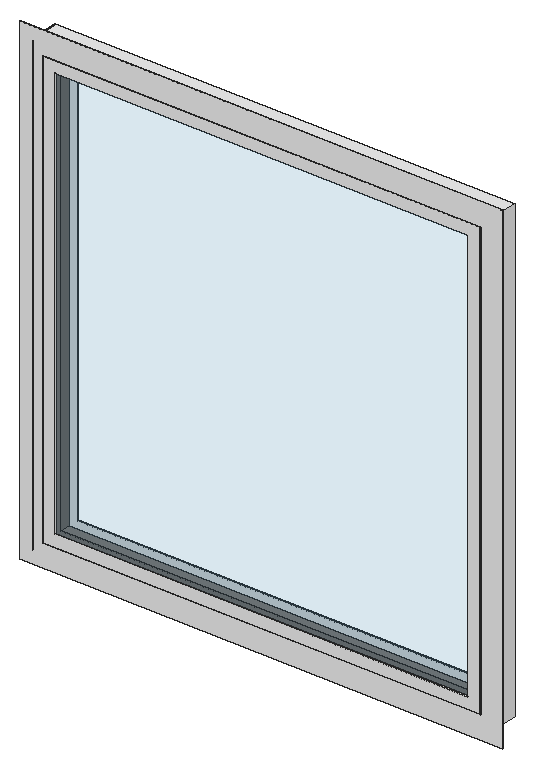
Revit family "Casement_36_D_Side_Hung_Custom", category Windows, host Wall, Revit 2014
Parameters (values of type "Casement_Sash_DG")
  Width Sash [instance] = 30 mm
  Width Sash Inner = 15 mm
  Width Bead = 15 mm
  Top Hung [instance] = yes
  Side Hung Right [instance] = yes
  Side Hung Left [instance] = yes
  Sash Opening Width [instance] = 600 mm
  Sash Opening Height [instance] = 600.312 mm
  Sash Lip = 15 mm
  Glazing Material [instance] = Glass
  DG Start Piece 2 [instance] = DG End Piece 1 + DG Gasket Thickness  # 25 mm
  DG Start Peice 1 [instance] = (Depth Sash - (2 * DG Glazing Thickness) - DG Gasket Thickness) / 2  # 6.6 mm
  Glazing Offset = 5 mm
  DG Glazing Thickness [instance] = 6.4 mm
  DG Gasket Thickness = 12 mm  # constant formula
  DG Gasket Material [instance] = Double Glazing Gasket Material
  DG End Piece 2 [instance] = DG Start Piece 2 + DG Glazing Thickness  # 31.4 mm
  DG End Piece 1 [instance] = DG Start Peice 1 + DG Glazing Thickness  # 13 mm
  Depth Sash [instance] = 38 mm
  Center Vertical Sash [instance] = Sash Opening Height / 2  # 300.156 mm
  Center Horizontal Sash [instance] = Sash Opening Width / 2  # 300 mm
  Bottom Hung [instance] = yes
  Bead Offset = 15 mm
  Aluminium Thickness = 1 mm
  Aluminium Material [instance] = White Powder Coated Aluminium
Reference planes
  plane 1 "Center (Front/Back)": y = 0
  plane 2: z = 0
  plane 3 "Center (Left/Right)": x = 0
Forms (mm)
  Sweep 1, solid, material "White Powder Coated Aluminium" <- "Aluminium Material"
    path origin (16.177, 0, 121.331) x (1, 0, 0) y (0, 0, 1)
      loop
        line (0, 0) -> (600, 0) -> (600, 600.312) -> (0, 600.312) -> (0, 0)
    profile origin (316.177, 0, 121.331) x (0, 0, 1) y (0, -1, 0)
      loop
        line (0, 0) -> (30, 0) -> (30, 1) -> (15, 1) -> (15, 38) -> (-15, 38) -> (-15, 37) -> (0, 37) -> (0, 0)
      loop
        line (14, 1) -> (14, 37) -> (1, 37) -> (1, 1) -> (14, 1)
  Sweep 2, solid, material "White Powder Coated Aluminium" <- "Aluminium Material"
    path origin (0, 0, 0) x (1, 0, 0) y (0, 0, 1)
      loop
        line (31.177, 706.643) -> (31.177, 136.331) -> (601.177, 136.331) -> (601.177, 706.643) -> (31.177, 706.643)
    profile origin (316.177, 0, 706.643) x (0, 0, 1) y (0, -1, 0)
      loop
        line (0, 37) -> (0, 38) -> (-15, 38) -> (-15, 37) -> (0, 37)
  Extrusion 3, solid, material "Glass" <- "Glazing Material"
    sketch origin (0, 0, 0) x (1, 0, 0) y (0, 0, 1)
      loop
        line (36.177, 701.643) -> (36.177, 141.331) -> (596.177, 141.331) -> (596.177, 701.643) -> (36.177, 701.643)
    from 6.6 <- "DG Start Peice 1" to 13 <- "DG End Piece 1"
  Extrusion 4, solid, material "Glass" <- "Glazing Material"
    sketch origin (0, 0, 0) x (1, 0, 0) y (0, 0, 1)
      loop
        line (36.177, 701.643) -> (36.177, 141.331) -> (596.177, 141.331) -> (596.177, 701.643) -> (36.177, 701.643)
    from 31.4 <- "DG End Piece 2" to 25 <- "DG Start Piece 2"
  Sweep 5, solid, material "Double Glazing Gasket Material" <- "DG Gasket Material"
    path origin (0, -13, 0) x (1, 0, 0) y (0, 0, 1)
      loop
        line (36.177, 701.643) -> (36.177, 141.331) -> (596.177, 141.331) -> (596.177, 701.643) -> (36.177, 701.643)
    profile origin (316.177, -13, 701.643) x (0, 0, 1) y (0, -1, 0)
      loop
        line (0, 0) -> (0, 12) -> (-7.96, 12) -> (-7.96, 0) -> (0, 0)
Lines and regions (mm)
  model lines
    curve 1: line (1.177, -38, 736.643) -> (31.177, -38, 706.643)
    curve 2: line (601.177, -38, 706.643) -> (631.177, -38, 736.643)
    curve 3: line (601.177, -38, 136.331) -> (631.177, -38, 106.331)
    curve 4: line (1.177, -38, 106.331) -> (31.177, -38, 136.331)
    curve 5: line (631.177, -37, 736.643) -> (616.177, -37, 721.643)
    curve 6: line (1.177, -37, 736.643) -> (16.177, -37, 721.643)
    curve 7: line (1.177, -37, 106.331) -> (16.177, -37, 121.331)
    curve 8: line (631.177, -37, 106.331) -> (616.177, -37, 121.331)
    curve 9: line (616.177, 0, 121.331) -> (586.177, 0, 151.331)
    curve 10: line (46.177, 0, 151.331) -> (16.177, 0, 121.331)
    curve 11: line (616.177, 0, 721.643) -> (586.177, 0, 691.643)
    curve 12: line (46.177, 0, 691.643) -> (16.177, 0, 721.643)
    curve 13: line (31.177, -38, 691.643) -> (46.177, -38, 691.643)
    curve 14: line (586.177, -38, 691.643) -> (601.177, -38, 691.643)
    curve 15: line (586.177, -38, 151.331) -> (601.177, -38, 151.331)
    curve 16: line (31.177, -38, 151.331) -> (46.177, -38, 151.331)
  model lines, style "GenericModelHiddenLines", visible <- "Top Hung"
    curve 17: line (46.386, -31.4, 690.914) -> (316.177, -31.4, 151.331)
    curve 18: line (316.177, -31.4, 151.331) -> (586.177, -31.4, 691.331)
  model lines, style "GenericModelHiddenLines", visible <- "Bottom Hung"
    curve 19: line (46.177, -31.4, 151.331) -> (316.177, -31.4, 691.331)
    curve 20: line (316.177, -31.4, 691.331) -> (586.177, -31.4, 151.331)
  model lines, style "GenericModelHiddenLines", visible <- "Side Hung Left"
    curve 21: line (46.386, -31.4, 690.914) -> (585.24, -31.4, 421.487)
    curve 22: line (585.24, -31.4, 421.487) -> (46.177, -31.4, 151.331)
  model lines, style "GenericModelHiddenLines", visible <- "Side Hung Right"
    curve 23: line (586.177, -31.4, 691.331) -> (46.177, -31.4, 421.487)
    curve 24: line (46.177, -31.4, 421.487) -> (586.177, -31.4, 151.331)
Dimensions and locks
  "Aluminium Thickness": Sweep 1 sketch curve to Sweep 1 sketch curve  (x4)
  "Depth Sash": Sweep 1 sketch curve to Sweep 1 sketch curve
  "Sash Opening Width": Sweep 1 to Sweep 1
  "Sash Opening Height": Sweep 1 to Sweep 1
  "Width Sash": Sweep 1 sketch curve to Sweep 1 sketch curve  (x2)
  "Width Sash Inner": Sweep 1 sketch curve to Sweep 1 sketch curve
  "Sash Lip": Sweep 1 sketch curve to Sweep 1 sketch curve
  "Aluminium Thickness": Sweep 1 to Sweep 2 sketch curve
  "Glazing Offset": Sweep 2 to Extrusion 3 sketch curve  (x3)
  "Glazing Offset": Extrusion 3 sketch curve to Sweep 2
  Sweep 1 to Sweep 1 = 1 mm
  "Aluminium Thickness": Sweep 2 sketch curve to Sweep 2 sketch curve
  "Width Bead": Sweep 2 sketch curve to Sweep 2 sketch curve
  locked: Sweep 5 sketch curve to Sweep 5 sketch curve at 7.96
  "Center Horizontal Sash": Sweep 1 to curve 18
  "Center Horizontal Sash": Sweep 1 to curve 20
  "Center Vertical Sash": Sweep 1 to curve 22
  "Center Vertical Sash": Sweep 1 to curve 24
  aligned and locked: level to plane 2
  aligned and locked: Sweep 1 sketch curve to Sweep 1 sketch curve  (x2)
  aligned and locked: Sweep 2 sketch curve to Sweep 1  (x5)
  aligned and locked: Extrusion 4 sketch curve to Extrusion 3  (x4)
  aligned and locked: Sweep 5 sketch curve to Extrusion 3  (x5)
  aligned and locked: Extrusion 3 to Sweep 5 sketch curve
Automatic sketch dimensions
  plane 3 "Center (Left/Right)" to Sweep 1 sketch curve = 16.177 mm
  level to Sweep 1 sketch curve = 121.331 mm
  plane 3 "Center (Left/Right)" to Sweep 1 sketch curve = 616.177 mm
  level to Sweep 1 sketch curve = 721.643 mm
  profile plane to Sweep 5 sketch curve = 12 mm
  curve 7 to Sweep 1 = 0 mm  (x4)
  curve 6 to Sweep 1 = 0 mm  (x3)
  Sweep 1 to curve 6 = 0 mm
  curve 5 to Sweep 1 = 0 mm  (x3)
  curve 8 to Sweep 1 = 0 mm  (x4)
  Sweep 1 to curve 5 = 0 mm
  curve 16 to Sweep 2 = 0 mm  (x3)
  curve 13 to Sweep 2 = 0 mm  (x3)
  curve 15 to Sweep 2 = 0 mm
  Sweep 2 to curve 15 = 0 mm  (x2)
  curve 14 to Sweep 2 = 0 mm  (x2)
  Sweep 2 to curve 14 = 0 mm
  curve 1 to Sweep 1 = 0 mm  (x4)
  curve 4 to Sweep 1 = 0 mm  (x3)
  Sweep 1 to curve 4 = 0 mm
  curve 3 to Sweep 1 = 0 mm  (x3)
  curve 2 to Sweep 1 = 0 mm  (x4)
  Sweep 1 to curve 3 = 0 mm
  curve 10 to Sweep 1 = 0 mm  (x4)
  curve 12 to Sweep 1 = 0 mm  (x3)
  Sweep 1 to curve 12 = 0 mm
  curve 9 to Sweep 1 = 0 mm  (x4)
  curve 11 to Sweep 1 = 0 mm  (x3)
  Sweep 1 to curve 11 = 0 mm
  Sweep 1 sketch curve to plane 1 "Center (Front/Back)" = 0 mm
  profile plane to Sweep 1 sketch curve = 0 mm
  curve 21 to Extrusion 4 = 10.208 mm
  curve 19 to Extrusion 4 = 10 mm
  curve 23 to Extrusion 4 = 10 mm  (x2)
  curve 22 to Extrusion 4 = 10.937 mm
  curve 20 to Extrusion 4 = 10 mm
  curve 24 to Extrusion 4 = 10 mm
  curve 22 to Extrusion 4 = 10 mm
  curve 18 to Extrusion 4 = 10 mm
  curve 21 to Extrusion 4 = 10.729 mm
  curve 19 to Extrusion 4 = 10.312 mm
  curve 18 to Extrusion 4 = 10.312 mm
